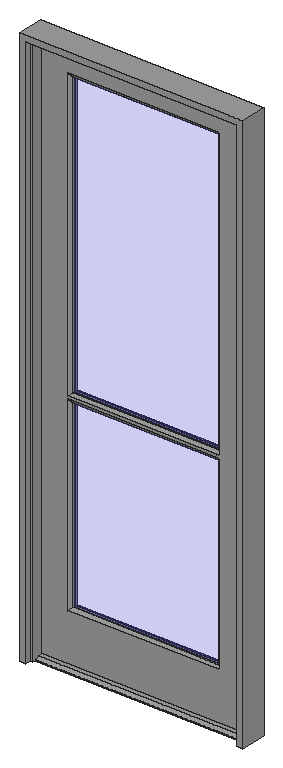
Revit family "WS-500 DOOR-PD-0.25-CW_v05", category Curtain Panels, Revit 2015 (continued)
Definition of nested family "2.5x6-RTCIG CW-H8533-DHD-OHD SC-DI"
  Lines and regions (in)
    detail lines, in view "Ref. Level", detail levels fine
      curve 211: line (0.72996, -1.36633, 0) -> (0.71496, -1.36633, 0)
      curve 212: line (0.71496, -1.36633, 0) -> (0.70396, -1.36633, 0)
      curve 213: line (0.70396, -1.36633, 0) -> (0.68996, -1.37033, 0)
      curve 214: line (0.68996, -1.37033, 0) -> (0.70596, -1.37233, 0)
      curve 215: line (0.70596, -1.37233, 0) -> (0.72096, -1.37233, 0)
      curve 216: line (0.72096, -1.37233, 0) -> (0.73296, -1.37433, 0)
      curve 217: line (0.75896, -1.35433, 0) -> (0.74796, -1.35033, 0)
      curve 218: line (0.74796, -1.35033, 0) -> (0.76396, -1.34633, 0)
      curve 219: line (0.76396, -1.34633, 0) -> (0.77296, -1.34633, 0)
      curve 220: line (0.77296, -1.34633, 0) -> (0.78096, -1.34833, 0)
      curve 221: line (0.78096, -1.34833, 0) -> (0.77296, -1.35433, 0)
      curve 222: line (0.77296, -1.35433, 0) -> (0.76596, -1.35433, 0)
      curve 223: line (0.76596, -1.35433, 0) -> (0.75896, -1.35433, 0)
      curve 224: line (0.54796, -1.31033, 0) -> (0.55896, -1.31033, 0)
      curve 225: line (0.55896, -1.31033, 0) -> (0.58796, -1.30833, 0)
      curve 226: line (0.58796, -1.30833, 0) -> (0.61496, -1.30833, 0)
      curve 227: line (0.61496, -1.30833, 0) -> (0.62796, -1.30833, 0)
      curve 228: line (0.62796, -1.30833, 0) -> (0.66196, -1.31033, 0)
      curve 229: line (0.66196, -1.31033, 0) -> (0.68096, -1.31233, 0)
      curve 230: line (0.68096, -1.31233, 0) -> (0.69896, -1.31433, 0)
      curve 231: line (0.69896, -1.31433, 0) -> (0.72096, -1.31433, 0)
      curve 232: line (0.72096, -1.31433, 0) -> (0.73696, -1.31433, 0)
      curve 233: line (0.73696, -1.31433, 0) -> (0.75896, -1.31433, 0)
      curve 234: line (0.75896, -1.31433, 0) -> (0.76596, -1.31433, 0)
      curve 235: line (0.76596, -1.31433, 0) -> (0.77896, -1.31033, 0)
      curve 236: line (0.54796, -1.32333, 0) -> (0.57896, -1.32133, 0)
      curve 237: line (0.57896, -1.32133, 0) -> (0.60496, -1.31933, 0)
      curve 238: line (0.60496, -1.31933, 0) -> (0.61896, -1.31933, 0)
      curve 239: line (0.61896, -1.31933, 0) -> (0.66196, -1.31933, 0)
      curve 240: line (0.66196, -1.31933, 0) -> (0.67696, -1.32133, 0)
      curve 241: line (0.67696, -1.32133, 0) -> (0.70096, -1.32133, 0)
      curve 242: line (0.70096, -1.32133, 0) -> (0.71496, -1.32133, 0)
      curve 243: line (0.71496, -1.32133, 0) -> (0.73496, -1.32133, 0)
      curve 244: line (0.73496, -1.32133, 0) -> (0.75096, -1.32333, 0)
      curve 245: line (0.75096, -1.32333, 0) -> (0.76196, -1.32433, 0)
      curve 246: line (0.76196, -1.32433, 0) -> (0.77096, -1.32433, 0)
      curve 247: line (0.77096, -1.32433, 0) -> (0.78096, -1.32433, 0)
      curve 248: line (0.73296, -1.35433, 0) -> (0.74796, -1.35433, 0)
      curve 249: line (0.74796, -1.35433, 0) -> (0.72596, -1.35733, 0)
      curve 250: line (0.72596, -1.35733, 0) -> (0.73296, -1.35433, 0)
      curve 251: line (0.71296, -1.35533, 0) -> (0.70396, -1.36133, 0)
      curve 252: line (0.70396, -1.36133, 0) -> (0.72596, -1.35733, 0)
      curve 253: line (0.72596, -1.35733, 0) -> (0.71296, -1.35533, 0)
      curve 254: line (0.54796, -1.29533, 0) -> (0.57696, -1.29533, 0)
      curve 255: line (0.57696, -1.29533, 0) -> (0.60996, -1.29533, 0)
      curve 256: line (0.60996, -1.29533, 0) -> (0.65296, -1.29533, 0)
      curve 257: line (0.65296, -1.29533, 0) -> (0.67296, -1.29533, 0)
      curve 258: line (0.67296, -1.29533, 0) -> (0.69896, -1.29933, 0)
      curve 259: line (0.69896, -1.29933, 0) -> (0.70796, -1.29933, 0)
      curve 260: line (0.70796, -1.29933, 0) -> (0.72096, -1.30133, 0)
      curve 261: line (0.72096, -1.30133, 0) -> (0.73296, -1.30133, 0)
      curve 262: line (0.73296, -1.30133, 0) -> (0.74396, -1.30133, 0)
      curve 263: line (0.74396, -1.30133, 0) -> (0.75296, -1.30133, 0)
      curve 264: line (0.75296, -1.30133, 0) -> (0.76996, -1.29933, 0)
      curve 265: line (0.76996, -1.29933, 0) -> (0.77696, -1.29933, 0)
      curve 266: line (0.77696, -1.29933, 0) -> (0.77696, -1.2896, 0)
      curve 267: line (0.78096, -1.28933, 0) -> (0.76596, -1.29033, 0)
      curve 268: line (0.76596, -1.29033, 0) -> (0.75496, -1.29033, 0)
      curve 269: line (0.75496, -1.29033, 0) -> (0.74096, -1.29233, 0)
      curve 270: line (0.74096, -1.29233, 0) -> (0.70996, -1.28833, 0)
      curve 271: line (0.70996, -1.28833, 0) -> (0.69296, -1.28833, 0)
      curve 272: line (0.69296, -1.28833, 0) -> (0.67696, -1.28833, 0)
      curve 273: line (0.67696, -1.28833, 0) -> (0.66096, -1.28633, 0)
      curve 274: line (0.66096, -1.28633, 0) -> (0.62296, -1.28633, 0)
      curve 275: line (0.62296, -1.28633, 0) -> (0.60096, -1.28433, 0)
      curve 276: line (0.60096, -1.28433, 0) -> (0.56096, -1.28333, 0)
      curve 277: line (0.56096, -1.28333, 0) -> (0.54796, -1.28333, 0)
      curve 278: line (0.54796, -1.33833, 0) -> (0.57896, -1.33533, 0)
      curve 279: line (0.57896, -1.33533, 0) -> (0.61496, -1.33733, 0)
      curve 280: line (0.61496, -1.33733, 0) -> (0.65296, -1.33733, 0)
      curve 281: line (0.65296, -1.33733, 0) -> (0.67496, -1.33733, 0)
      curve 282: line (0.67496, -1.33733, 0) -> (0.69496, -1.33733, 0)
      curve 283: line (0.69496, -1.33733, 0) -> (0.70996, -1.33733, 0)
      curve 284: line (0.70996, -1.33733, 0) -> (0.72596, -1.33933, 0)
      curve 285: line (0.72596, -1.33933, 0) -> (0.73696, -1.33933, 0)
      curve 286: line (0.73696, -1.33933, 0) -> (0.74796, -1.33933, 0)
      curve 287: line (0.74796, -1.33933, 0) -> (0.75896, -1.33933, 0)
      curve 288: line (0.75896, -1.33933, 0) -> (0.77696, -1.33733, 0)
      curve 289: line (0.78096, -1.41933, 0) -> (0.78096, -1.15933, 0)
    detail lines, in view "Ref. Level", detail levels medium
      curve 290: arc (1.65506, -0.328, 0) -> (1.67791, -0.38315, 0) -> (1.73306, -0.406, 0) r 0.078
      curve 291: arc (0.20206, -0.406, 0) -> (0.25722, -0.38315, 0) -> (0.28006, -0.328, 0) r 0.078
      curve 292: arc (0.68756, -1.173, 0) -> (0.71506, -1.2005, 0) -> (0.74256, -1.173, 0) r 0.0275
      curve 293: arc (0.74256, -1.408, 0) -> (0.71506, -1.3805, 0) -> (0.68756, -1.408, 0) r 0.0275
      curve 294: arc (2.00056, -1, 0) -> (1.96239, -1.07442, 0) -> (2.04511, -1.062, 0) r 0.047
      curve 295: arc (0.95295, -1.053, 0) -> (1.03486, -1.07804, 0) -> (0.99956, -1, 0) r 0.047
      curve 296: line (1.73306, -0.406, 0) -> (1.98306, -0.406, 0)
      curve 297: line (1.98306, -0.406, 0) -> (1.98306, -0.375, 0)
      curve 298: line (1.98306, -0.375, 0) -> (3.09256, -0.375, 0)
      curve 299: line (3.09256, -0.375, 0) -> (3.09256, -0.875, 0)
      curve 300: line (3.09256, -0.875, 0) -> (-1.15744, -0.875, 0)
      curve 301: line (-1.15744, -0.875, 0) -> (-1.15744, -0.375, 0)
      curve 302: line (-1.15744, -0.375, 0) -> (-0.04794, -0.375, 0)
      curve 303: line (-0.04794, -0.375, 0) -> (-0.04794, -0.406, 0)
      curve 304: line (-0.04794, -0.406, 0) -> (0.20206, -0.406, 0)
      curve 305: line (0.28006, -0.328, 0) -> (0.03006, -0.328, 0)
      curve 306: line (0.03006, -0.328, 0) -> (0.03006, -0.25, 0)
      curve 307: line (0.03006, -0.25, 0) -> (-1.28244, -0.25, 0)
      curve 308: line (-1.28244, -0.25, 0) -> (-1.28244, -1, 0)
      curve 309: line (-1.28244, -1, 0) -> (3.21756, -1, 0)
      curve 310: line (3.21756, -1, 0) -> (3.21756, -0.25, 0)
      curve 311: line (3.21756, -0.25, 0) -> (1.90506, -0.25, 0)
      curve 312: line (1.90506, -0.25, 0) -> (1.90506, -0.328, 0)
      curve 313: line (1.90506, -0.328, 0) -> (1.65506, -0.328, 0)
      curve 314: line (0.74256, -1.173, 0) -> (0.74256, -1.143, 0)
      curve 315: line (0.74256, -1.143, 0) -> (0.79756, -1.143, 0)
      curve 316: line (0.79756, -1.143, 0) -> (0.79756, -1.438, 0)
      curve 317: line (0.79756, -1.438, 0) -> (0.74256, -1.438, 0)
      curve 318: line (0.74256, -1.438, 0) -> (0.74256, -1.408, 0)
      curve 319: line (0.68756, -1.408, 0) -> (0.68756, -1.5, 0)
      curve 320: line (0.68756, -1.5, 0) -> (2.31256, -1.5, 0)
      curve 321: line (2.31256, -1.5, 0) -> (2.31256, -1, 0)
      curve 322: line (2.31256, -1, 0) -> (2.00056, -1, 0)
      curve 323: line (2.04511, -1.062, 0) -> (2.25056, -1.062, 0)
      curve 324: line (2.25056, -1.062, 0) -> (2.25056, -1.438, 0)
      curve 325: line (2.25056, -1.438, 0) -> (0.85956, -1.438, 0)
      curve 326: line (0.85956, -1.438, 0) -> (0.85956, -1.053, 0)
      curve 327: line (0.85956, -1.053, 0) -> (0.95295, -1.053, 0)
      curve 328: line (0.99956, -1, 0) -> (0.79756, -1, 0)
      curve 329: line (0.79756, -1, 0) -> (0.79756, -1.081, 0)
      curve 330: line (0.79756, -1.081, 0) -> (0.74256, -1.081, 0)
      curve 331: line (0.74256, -1.081, 0) -> (0.74256, -1, 0)
      curve 332: line (0.74256, -1, 0) -> (0.68756, -1, 0)
      curve 333: line (0.68756, -1, 0) -> (0.68756, -1.173, 0)
      curve 334: line (-1.28244, 0, 0) -> (-1.28244, -1, 0)
      curve 335: line (-1.28244, -1, 0) -> (0.68756, -1, 0)
      curve 336: line (0.68756, -1, 0) -> (0.68756, -1.5, 0)
      curve 337: line (0.68756, -1.5, 0) -> (2.31256, -1.5, 0)
      curve 338: line (2.31256, -1.5, 0) -> (2.31256, -1, 0)
      curve 339: line (2.31256, -1, 0) -> (3.21756, -1, 0)
      curve 340: line (3.21756, -1, 0) -> (3.21756, 0, 0)
      curve 341: line (3.21756, 0, 0) -> (-1.28244, 0, 0)
    detail lines, in view "Ref. Level", not visible, detail levels fine
      curve 342: arc (1.65506, -0.328, 0) -> (1.67791, -0.38315, 0) -> (1.73306, -0.406, 0) r 0.078
      curve 343: arc (0.20206, -0.406, 0) -> (0.25722, -0.38315, 0) -> (0.28006, -0.328, 0) r 0.078
      curve 344: arc (0.68756, -1.173, 0) -> (0.71506, -1.2005, 0) -> (0.74256, -1.173, 0) r 0.0275
      curve 345: arc (0.74256, -1.408, 0) -> (0.71506, -1.3805, 0) -> (0.68756, -1.408, 0) r 0.0275
      curve 346: arc (2.00056, -1, 0) -> (1.96239, -1.07442, 0) -> (2.04511, -1.062, 0) r 0.047
      curve 347: arc (0.95295, -1.053, 0) -> (1.03486, -1.07804, 0) -> (0.99956, -1, 0) r 0.047
      curve 348: line (1.73306, -0.406, 0) -> (1.98306, -0.406, 0)
      curve 349: line (1.98306, -0.406, 0) -> (1.98306, -0.375, 0)
      curve 350: line (1.98306, -0.375, 0) -> (3.09256, -0.375, 0)
      curve 351: line (3.09256, -0.375, 0) -> (3.09256, -0.875, 0)
      curve 352: line (3.09256, -0.875, 0) -> (-1.15744, -0.875, 0)
      curve 353: line (-1.15744, -0.875, 0) -> (-1.15744, -0.375, 0)
      curve 354: line (-1.15744, -0.375, 0) -> (-0.04794, -0.375, 0)
      curve 355: line (-0.04794, -0.375, 0) -> (-0.04794, -0.406, 0)
      curve 356: line (-0.04794, -0.406, 0) -> (0.20206, -0.406, 0)
      curve 357: line (0.28006, -0.328, 0) -> (0.03006, -0.328, 0)
      curve 358: line (0.03006, -0.328, 0) -> (0.03006, -0.25, 0)
      curve 359: line (0.03006, -0.25, 0) -> (-1.28244, -0.25, 0)
      curve 360: line (-1.28244, -0.25, 0) -> (-1.28244, -1, 0)
      curve 361: line (-1.28244, -1, 0) -> (3.21756, -1, 0)
      curve 362: line (3.21756, -1, 0) -> (3.21756, -0.25, 0)
      curve 363: line (3.21756, -0.25, 0) -> (1.90506, -0.25, 0)
      curve 364: line (1.90506, -0.25, 0) -> (1.90506, -0.328, 0)
      curve 365: line (1.90506, -0.328, 0) -> (1.65506, -0.328, 0)
      curve 366: line (0.74256, -1.173, 0) -> (0.74256, -1.143, 0)
      curve 367: line (0.74256, -1.143, 0) -> (0.79756, -1.143, 0)
      curve 368: line (0.79756, -1.143, 0) -> (0.79756, -1.438, 0)
      curve 369: line (0.79756, -1.438, 0) -> (0.74256, -1.438, 0)
      curve 370: line (0.74256, -1.438, 0) -> (0.74256, -1.408, 0)
      curve 371: line (0.68756, -1.408, 0) -> (0.68756, -1.5, 0)
      curve 372: line (0.68756, -1.5, 0) -> (2.31256, -1.5, 0)
      curve 373: line (2.31256, -1.5, 0) -> (2.31256, -1, 0)
      curve 374: line (2.31256, -1, 0) -> (2.00056, -1, 0)
      curve 375: line (2.04511, -1.062, 0) -> (2.25056, -1.062, 0)
      curve 376: line (2.25056, -1.062, 0) -> (2.25056, -1.438, 0)
      curve 377: line (2.25056, -1.438, 0) -> (0.85956, -1.438, 0)
      curve 378: line (0.85956, -1.438, 0) -> (0.85956, -1.053, 0)
      curve 379: line (0.85956, -1.053, 0) -> (0.95295, -1.053, 0)
      curve 380: line (0.99956, -1, 0) -> (0.79756, -1, 0)
      curve 381: line (0.79756, -1, 0) -> (0.79756, -1.081, 0)
      curve 382: line (0.79756, -1.081, 0) -> (0.74256, -1.081, 0)
      curve 383: line (0.74256, -1.081, 0) -> (0.74256, -1, 0)
      curve 384: line (0.74256, -1, 0) -> (0.68756, -1, 0)
      curve 385: line (0.68756, -1, 0) -> (0.68756, -1.173, 0)
      curve 386: line (-1.28244, 0, 0) -> (-1.28244, -1, 0)
      curve 387: line (-1.28244, -1, 0) -> (0.68756, -1, 0)
      curve 388: line (0.68756, -1, 0) -> (0.68756, -1.5, 0)
      curve 389: line (0.68756, -1.5, 0) -> (2.31256, -1.5, 0)
      curve 390: line (2.31256, -1.5, 0) -> (2.31256, -1, 0)
      curve 391: line (2.31256, -1, 0) -> (3.21756, -1, 0)
      curve 392: line (3.21756, -1, 0) -> (3.21756, 0, 0)
      curve 393: line (3.21756, 0, 0) -> (-1.28244, 0, 0)
      curve 394: arc (-1.28244, -0.25, 0) -> (-1.26095, -0.125, 0) -> (-1.28244, 0, 0) r 0.37439
      curve 395: arc (3.21756, 0, 0) -> (3.19608, -0.125, 0) -> (3.21756, -0.25, 0) r 0.37439
      curve 396: arc (1.95497, -1.14175, 0) -> (1.95619, -1.1362, 0) -> (1.95482, -1.13068, 0) r 0.0125
      curve 397: arc (1.98284, -1.14139, 0) -> (1.98406, -1.13584, 0) -> (1.9827, -1.13032, 0) r 0.0125
      curve 398: arc (1.01743, -1.13032, 0) -> (1.01607, -1.13584, 0) -> (1.01729, -1.14139, 0) r 0.0125
      curve 399: arc (1.0453, -1.13068, 0) -> (1.04394, -1.1362, 0) -> (1.04516, -1.14175, 0) r 0.0125
      curve 400: arc (1.10681, -1.025, 0) -> (1.10028, -1.02684, 0) -> (1.09567, -1.03182, 0) r 0.0125
      curve 401: arc (1.90446, -1.03183, 0) -> (1.89985, -1.02684, 0) -> (1.89332, -1.025, 0) r 0.0125
      curve 402: line (-1.03244, -0.25, 0) -> (-1.03244, 0, 0)
      curve 403: line (-1.03244, 0, 0) -> (2.96756, 0, 0)
      curve 404: line (2.96756, 0, 0) -> (2.96756, -0.25, 0)
      curve 405: line (2.96756, -0.25, 0) -> (-1.03244, -0.25, 0)
      curve 406: line (-1.03244, -0.25, 0) -> (2.96756, 0, 0)
      curve 407: line (-1.03244, 0, 0) -> (2.96756, -0.25, 0)
      curve 408: line (1.95497, -1.14175, 0) -> (1.89789, -1.26122, 0)
      curve 409: line (1.89789, -1.26122, 0) -> (1.92045, -1.272, 0)
      curve 410: line (1.92045, -1.272, 0) -> (1.98284, -1.14139, 0)
      curve 411: line (1.9827, -1.13032, 0) -> (1.92904, -1.025, 0)
      curve 412: line (1.92904, -1.025, 0) -> (1.95506, -1.025, 0)
      curve 413: line (1.95506, -1.025, 0) -> (1.95506, -1, 0)
      curve 414: line (1.95506, -1, 0) -> (1.04506, -1, 0)
      curve 415: line (1.04506, -1, 0) -> (1.04506, -1.025, 0)
      curve 416: line (1.04506, -1.025, 0) -> (1.07109, -1.025, 0)
      curve 417: line (1.07109, -1.025, 0) -> (1.01743, -1.13032, 0)
      curve 418: line (1.01729, -1.14139, 0) -> (1.07968, -1.272, 0)
      curve 419: line (1.07968, -1.272, 0) -> (1.10224, -1.26122, 0)
      curve 420: line (1.10224, -1.26122, 0) -> (1.04516, -1.14175, 0)
      curve 421: line (1.0453, -1.13068, 0) -> (1.09567, -1.03182, 0)
      curve 422: line (1.10681, -1.025, 0) -> (1.89332, -1.025, 0)
      curve 423: line (1.90446, -1.03183, 0) -> (1.95482, -1.13068, 0)
      curve 424: line (0.54796, -1.18033, 0) -> (0.56296, -1.18633, 0)
      curve 425: line (0.56296, -1.18633, 0) -> (0.57696, -1.19533, 0)
      curve 426: line (0.57696, -1.19533, 0) -> (0.60296, -1.19933, 0)
      curve 427: line (0.60296, -1.19933, 0) -> (0.62096, -1.20333, 0)
      curve 428: line (0.62096, -1.20333, 0) -> (0.65696, -1.20433, 0)
      curve 429: line (0.65696, -1.20433, 0) -> (0.67296, -1.20633, 0)
      curve 430: line (0.67296, -1.20633, 0) -> (0.69296, -1.20833, 0)
      curve 431: line (0.69296, -1.20833, 0) -> (0.69696, -1.21433, 0)
      curve 432: line (0.69696, -1.21433, 0) -> (0.70996, -1.20833, 0)
      curve 433: line (0.70996, -1.20833, 0) -> (0.69696, -1.21433, 0)
      curve 434: line (0.55396, -1.35233, 0) -> (0.58296, -1.35233, 0)
      curve 435: line (0.58296, -1.35233, 0) -> (0.60796, -1.35233, 0)
      curve 436: line (0.60796, -1.35233, 0) -> (0.62496, -1.35433, 0)
      curve 437: line (0.62496, -1.35433, 0) -> (0.65696, -1.35433, 0)
      curve 438: line (0.65696, -1.35433, 0) -> (0.67696, -1.35533, 0)
      curve 439: line (0.67696, -1.35533, 0) -> (0.70396, -1.36133, 0)
      curve 440: line (0.70396, -1.36133, 0) -> (0.67496, -1.36433, 0)
      curve 441: line (0.67496, -1.36433, 0) -> (0.68996, -1.37033, 0)
      curve 442: line (0.68996, -1.37033, 0) -> (0.67296, -1.36633, 0)
      curve 443: line (0.67296, -1.36633, 0) -> (0.65096, -1.36833, 0)
      curve 444: line (0.65096, -1.36833, 0) -> (0.58796, -1.37733, 0)
      curve 445: line (0.58796, -1.37733, 0) -> (0.60596, -1.37733, 0)
      curve 446: line (0.60596, -1.37733, 0) -> (0.61696, -1.37533, 0)
      curve 447: line (0.61696, -1.37533, 0) -> (0.63196, -1.37433, 0)
      curve 448: line (0.63196, -1.37433, 0) -> (0.65896, -1.37233, 0)
      curve 449: line (0.65896, -1.37233, 0) -> (0.67896, -1.37033, 0)
      curve 450: line (0.67896, -1.37033, 0) -> (0.65296, -1.36633, 0)
      curve 451: line (0.65296, -1.36633, 0) -> (0.62296, -1.36633, 0)
      curve 452: line (0.62296, -1.36633, 0) -> (0.58996, -1.36433, 0)
      curve 453: line (0.58996, -1.36433, 0) -> (0.54796, -1.36933, 0)
      curve 454: line (0.57196, -1.38433, 0) -> (0.58996, -1.38133, 0)
      curve 455: line (0.58996, -1.38133, 0) -> (0.54796, -1.38833, 0)
      curve 456: line (0.54796, -1.38833, 0) -> (0.57196, -1.38433, 0)
      curve 457: line (0.54996, -1.24133, 0) -> (0.56796, -1.23933, 0)
      curve 458: line (0.56796, -1.23933, 0) -> (0.58096, -1.23733, 0)
      curve 459: line (0.58096, -1.23733, 0) -> (0.59396, -1.23533, 0)
      curve 460: line (0.59396, -1.23533, 0) -> (0.61496, -1.23533, 0)
      curve 461: line (0.61496, -1.23533, 0) -> (0.62796, -1.23533, 0)
      curve 462: line (0.62796, -1.23533, 0) -> (0.65696, -1.23733, 0)
      curve 463: line (0.65696, -1.23733, 0) -> (0.67096, -1.23733, 0)
      curve 464: line (0.67096, -1.23733, 0) -> (0.67896, -1.23933, 0)
      curve 465: line (0.67896, -1.23933, 0) -> (0.69696, -1.24133, 0)
      curve 466: line (0.69696, -1.24133, 0) -> (0.71096, -1.24433, 0)
      curve 467: line (0.71096, -1.24433, 0) -> (0.72796, -1.25233, 0)
      curve 468: line (0.72796, -1.25233, 0) -> (0.74196, -1.25233, 0)
      curve 469: line (0.74196, -1.25233, 0) -> (0.72596, -1.24433, 0)
      curve 470: line (0.72596, -1.24433, 0) -> (0.71096, -1.25033, 0)
      curve 471: line (0.71096, -1.25033, 0) -> (0.70196, -1.25033, 0)
      curve 472: line (0.70196, -1.25033, 0) -> (0.68596, -1.25033, 0)
      curve 473: line (0.68596, -1.25033, 0) -> (0.67096, -1.24633, 0)
      curve 474: line (0.67096, -1.24633, 0) -> (0.65496, -1.24633, 0)
      curve 475: line (0.65496, -1.24633, 0) -> (0.62296, -1.24633, 0)
      curve 476: line (0.62296, -1.24633, 0) -> (0.60596, -1.24633, 0)
      curve 477: line (0.60596, -1.24633, 0) -> (0.59396, -1.24633, 0)
      curve 478: line (0.59396, -1.24633, 0) -> (0.54796, -1.25433, 0)
      curve 479: line (0.54996, -1.20833, 0) -> (0.56096, -1.20833, 0)
      curve 480: line (0.56096, -1.20833, 0) -> (0.58096, -1.20833, 0)
      curve 481: line (0.58096, -1.20833, 0) -> (0.59196, -1.20633, 0)
      curve 482: line (0.59196, -1.20633, 0) -> (0.59896, -1.20633, 0)
      curve 483: line (0.59896, -1.20633, 0) -> (0.60596, -1.20833, 0)
      curve 484: line (0.60596, -1.20833, 0) -> (0.62296, -1.21433, 0)
      curve 485: line (0.62296, -1.21433, 0) -> (0.65496, -1.21233, 0)
      curve 486: line (0.65496, -1.21233, 0) -> (0.66196, -1.21033, 0)
      curve 487: line (0.66196, -1.21033, 0) -> (0.67096, -1.21233, 0)
      curve 488: line (0.67096, -1.21233, 0) -> (0.68096, -1.21233, 0)
      curve 489: line (0.68096, -1.21233, 0) -> (0.68996, -1.21233, 0)
      curve 490: line (0.74596, -1.21033, 0) -> (0.73496, -1.21033, 0)
      curve 491: line (0.73496, -1.21033, 0) -> (0.74196, -1.21033, 0)
      curve 492: line (0.74196, -1.21033, 0) -> (0.75296, -1.21033, 0)
      curve 493: line (0.75296, -1.21033, 0) -> (0.76396, -1.21033, 0)
      curve 494: line (0.76396, -1.21033, 0) -> (0.77496, -1.20633, 0)
      curve 495: line (0.77896, -1.20633, 0) -> (0.76796, -1.20633, 0)
      curve 496: line (0.76796, -1.20633, 0) -> (0.76096, -1.20633, 0)
      curve 497: line (0.76096, -1.20633, 0) -> (0.75296, -1.20833, 0)
      curve 498: line (0.75296, -1.20833, 0) -> (0.74596, -1.21033, 0)
      curve 499: line (0.78096, -1.27033, 0) -> (0.76996, -1.27233, 0)
      curve 500: line (0.76996, -1.27233, 0) -> (0.75496, -1.27433, 0)
      curve 501: line (0.75496, -1.27433, 0) -> (0.74396, -1.27433, 0)
      curve 502: line (0.74396, -1.27433, 0) -> (0.73496, -1.27433, 0)
      curve 503: line (0.73496, -1.27433, 0) -> (0.71496, -1.27433, 0)
      curve 504: line (0.71496, -1.27433, 0) -> (0.69696, -1.27433, 0)
      curve 505: line (0.69696, -1.27433, 0) -> (0.67496, -1.27033, 0)
      curve 506: line (0.67496, -1.27033, 0) -> (0.65696, -1.27033, 0)
      curve 507: line (0.65696, -1.27033, 0) -> (0.60996, -1.27033, 0)
      curve 508: line (0.60996, -1.27033, 0) -> (0.57396, -1.27033, 0)
      curve 509: line (0.57396, -1.27033, 0) -> (0.54796, -1.26833, 0)
      curve 510: line (0.54796, -1.26133, 0) -> (0.56796, -1.26133, 0)
      curve 511: line (0.56796, -1.26133, 0) -> (0.59696, -1.26133, 0)
      curve 512: line (0.59696, -1.26133, 0) -> (0.62496, -1.26133, 0)
      curve 513: line (0.62496, -1.26133, 0) -> (0.66796, -1.26333, 0)
      curve 514: line (0.66796, -1.26333, 0) -> (0.70096, -1.26433, 0)
      curve 515: line (0.70096, -1.26433, 0) -> (0.71896, -1.26333, 0)
      curve 516: line (0.71896, -1.26333, 0) -> (0.73296, -1.26333, 0)
      curve 517: line (0.73296, -1.26333, 0) -> (0.75096, -1.26333, 0)
      curve 518: line (0.75096, -1.26333, 0) -> (0.76096, -1.26333, 0)
      curve 519: line (0.76096, -1.26333, 0) -> (0.76796, -1.26333, 0)
      curve 520: line (0.76796, -1.26333, 0) -> (0.78096, -1.26333, 0)
      curve 521: line (0.78096, -1.25133, 0) -> (0.76996, -1.25033, 0)
      curve 522: line (0.76996, -1.25033, 0) -> (0.76196, -1.25033, 0)
      curve 523: line (0.76196, -1.25033, 0) -> (0.75096, -1.25233, 0)
      curve 524: line (0.75096, -1.25233, 0) -> (0.74196, -1.25233, 0)
      curve 525: line (0.74196, -1.25233, 0) -> (0.74996, -1.24833, 0)
      curve 526: line (0.74996, -1.24833, 0) -> (0.76396, -1.24633, 0)
      curve 527: line (0.76396, -1.24633, 0) -> (0.77496, -1.24333, 0)
      curve 528: line (0.76996, -1.22433, 0) -> (0.75496, -1.22433, 0)
      curve 529: line (0.75496, -1.22433, 0) -> (0.74196, -1.22633, 0)
      curve 530: line (0.74196, -1.22633, 0) -> (0.73296, -1.22633, 0)
      curve 531: line (0.73296, -1.22633, 0) -> (0.70996, -1.22433, 0)
      curve 532: line (0.70996, -1.22433, 0) -> (0.69896, -1.22333, 0)
      curve 533: line (0.69896, -1.22333, 0) -> (0.67696, -1.22433, 0)
      curve 534: line (0.67696, -1.22433, 0) -> (0.65296, -1.22333, 0)
      curve 535: line (0.65296, -1.22333, 0) -> (0.62296, -1.22333, 0)
      curve 536: line (0.62296, -1.22333, 0) -> (0.59896, -1.22133, 0)
      curve 537: line (0.59896, -1.22133, 0) -> (0.58096, -1.22133, 0)
      curve 538: line (0.58096, -1.22133, 0) -> (0.56096, -1.22133, 0)
      curve 539: line (0.56096, -1.22133, 0) -> (0.54796, -1.22233, 0)
      curve 540: line (0.73496, -1.21033, 0) -> (0.71896, -1.21233, 0)
      curve 541: line (0.71896, -1.21233, 0) -> (0.70996, -1.20833, 0)
      curve 542: line (0.70996, -1.20833, 0) -> (0.72396, -1.20833, 0)
      curve 543: line (0.72396, -1.20833, 0) -> (0.73296, -1.21233, 0)
      curve 544: line (0.73296, -1.37433, 0) -> (0.74396, -1.37433, 0)
      curve 545: line (0.74396, -1.37433, 0) -> (0.76096, -1.37433, 0)
      curve 546: line (0.76096, -1.37433, 0) -> (0.77296, -1.37433, 0)
      curve 547: line (0.78096, -1.37033, 0) -> (0.77096, -1.37033, 0)
      curve 548: line (0.77096, -1.37033, 0) -> (0.75496, -1.37033, 0)
      curve 549: line (0.75496, -1.37033, 0) -> (0.74796, -1.36833, 0)
      curve 550: line (0.74796, -1.36833, 0) -> (0.74096, -1.36833, 0)
      curve 551: line (0.74096, -1.36833, 0) -> (0.72996, -1.36633, 0)
      curve 552: line (0.72996, -1.36633, 0) -> (0.71496, -1.36633, 0)
      curve 553: line (0.71496, -1.36633, 0) -> (0.70396, -1.36633, 0)
      curve 554: line (0.70396, -1.36633, 0) -> (0.68996, -1.37033, 0)
      curve 555: line (0.68996, -1.37033, 0) -> (0.70596, -1.37233, 0)
      curve 556: line (0.70596, -1.37233, 0) -> (0.72096, -1.37233, 0)
      curve 557: line (0.72096, -1.37233, 0) -> (0.73296, -1.37433, 0)
      curve 558: line (0.75896, -1.35433, 0) -> (0.74796, -1.35033, 0)
      curve 559: line (0.74796, -1.35033, 0) -> (0.76396, -1.34633, 0)
      curve 560: line (0.76396, -1.34633, 0) -> (0.77296, -1.34633, 0)
      curve 561: line (0.77296, -1.34633, 0) -> (0.78096, -1.34833, 0)
      curve 562: line (0.78096, -1.34833, 0) -> (0.77296, -1.35433, 0)
      curve 563: line (0.77296, -1.35433, 0) -> (0.76596, -1.35433, 0)
      curve 564: line (0.76596, -1.35433, 0) -> (0.75896, -1.35433, 0)
      curve 565: line (0.54796, -1.31033, 0) -> (0.55896, -1.31033, 0)
      curve 566: line (0.55896, -1.31033, 0) -> (0.58796, -1.30833, 0)
      curve 567: line (0.58796, -1.30833, 0) -> (0.61496, -1.30833, 0)
      curve 568: line (0.61496, -1.30833, 0) -> (0.62796, -1.30833, 0)
      curve 569: line (0.62796, -1.30833, 0) -> (0.66196, -1.31033, 0)
      curve 570: line (0.66196, -1.31033, 0) -> (0.68096, -1.31233, 0)
      curve 571: line (0.68096, -1.31233, 0) -> (0.69896, -1.31433, 0)
      curve 572: line (0.69896, -1.31433, 0) -> (0.72096, -1.31433, 0)
      curve 573: line (0.72096, -1.31433, 0) -> (0.73696, -1.31433, 0)
      curve 574: line (0.73696, -1.31433, 0) -> (0.75896, -1.31433, 0)
      curve 575: line (0.75896, -1.31433, 0) -> (0.76596, -1.31433, 0)
      curve 576: line (0.76596, -1.31433, 0) -> (0.77896, -1.31033, 0)
      curve 577: line (0.54796, -1.32333, 0) -> (0.57896, -1.32133, 0)
      curve 578: line (0.57896, -1.32133, 0) -> (0.60496, -1.31933, 0)
      curve 579: line (0.60496, -1.31933, 0) -> (0.61896, -1.31933, 0)
      curve 580: line (0.61896, -1.31933, 0) -> (0.66196, -1.31933, 0)
      curve 581: line (0.66196, -1.31933, 0) -> (0.67696, -1.32133, 0)
      curve 582: line (0.67696, -1.32133, 0) -> (0.70096, -1.32133, 0)
      curve 583: line (0.70096, -1.32133, 0) -> (0.71496, -1.32133, 0)
      curve 584: line (0.71496, -1.32133, 0) -> (0.73496, -1.32133, 0)
      curve 585: line (0.73496, -1.32133, 0) -> (0.75096, -1.32333, 0)
      curve 586: line (0.75096, -1.32333, 0) -> (0.76196, -1.32433, 0)
      curve 587: line (0.76196, -1.32433, 0) -> (0.77096, -1.32433, 0)
      curve 588: line (0.77096, -1.32433, 0) -> (0.78096, -1.32433, 0)
      curve 589: line (0.73296, -1.35433, 0) -> (0.74796, -1.35433, 0)
      curve 590: line (0.74796, -1.35433, 0) -> (0.72596, -1.35733, 0)
      curve 591: line (0.72596, -1.35733, 0) -> (0.73296, -1.35433, 0)
      curve 592: line (0.71296, -1.35533, 0) -> (0.70396, -1.36133, 0)
      curve 593: line (0.70396, -1.36133, 0) -> (0.72596, -1.35733, 0)
      curve 594: line (0.72596, -1.35733, 0) -> (0.71296, -1.35533, 0)
      curve 595: line (0.54796, -1.29533, 0) -> (0.57696, -1.29533, 0)
      curve 596: line (0.57696, -1.29533, 0) -> (0.60996, -1.29533, 0)
      curve 597: line (0.60996, -1.29533, 0) -> (0.65296, -1.29533, 0)
      curve 598: line (0.65296, -1.29533, 0) -> (0.67296, -1.29533, 0)
      curve 599: line (0.67296, -1.29533, 0) -> (0.69896, -1.29933, 0)
      curve 600: line (0.69896, -1.29933, 0) -> (0.70796, -1.29933, 0)
      curve 601: line (0.70796, -1.29933, 0) -> (0.72096, -1.30133, 0)
      curve 602: line (0.72096, -1.30133, 0) -> (0.73296, -1.30133, 0)
      curve 603: line (0.73296, -1.30133, 0) -> (0.74396, -1.30133, 0)
      curve 604: line (0.74396, -1.30133, 0) -> (0.75296, -1.30133, 0)
      curve 605: line (0.75296, -1.30133, 0) -> (0.76996, -1.29933, 0)
      curve 606: line (0.76996, -1.29933, 0) -> (0.77696, -1.29933, 0)
      curve 607: line (0.77696, -1.29933, 0) -> (0.77696, -1.2896, 0)
      curve 608: line (0.78096, -1.28933, 0) -> (0.76596, -1.29033, 0)
      curve 609: line (0.76596, -1.29033, 0) -> (0.75496, -1.29033, 0)
      curve 610: line (0.75496, -1.29033, 0) -> (0.74096, -1.29233, 0)
      curve 611: line (0.74096, -1.29233, 0) -> (0.70996, -1.28833, 0)
      curve 612: line (0.70996, -1.28833, 0) -> (0.69296, -1.28833, 0)
      curve 613: line (0.69296, -1.28833, 0) -> (0.67696, -1.28833, 0)
      curve 614: line (0.67696, -1.28833, 0) -> (0.66096, -1.28633, 0)
      curve 615: line (0.66096, -1.28633, 0) -> (0.62296, -1.28633, 0)
      curve 616: line (0.62296, -1.28633, 0) -> (0.60096, -1.28433, 0)
      curve 617: line (0.60096, -1.28433, 0) -> (0.56096, -1.28333, 0)
      curve 618: line (0.56096, -1.28333, 0) -> (0.54796, -1.28333, 0)
      curve 619: line (0.54796, -1.33833, 0) -> (0.57896, -1.33533, 0)
      curve 620: line (0.57896, -1.33533, 0) -> (0.61496, -1.33733, 0)
      curve 621: line (0.61496, -1.33733, 0) -> (0.65296, -1.33733, 0)
      curve 622: line (0.65296, -1.33733, 0) -> (0.67496, -1.33733, 0)
      curve 623: line (0.67496, -1.33733, 0) -> (0.69496, -1.33733, 0)
      curve 624: line (0.69496, -1.33733, 0) -> (0.70996, -1.33733, 0)
      curve 625: line (0.70996, -1.33733, 0) -> (0.72596, -1.33933, 0)
      curve 626: line (0.72596, -1.33933, 0) -> (0.73696, -1.33933, 0)
      curve 627: line (0.73696, -1.33933, 0) -> (0.74796, -1.33933, 0)
      curve 628: line (0.74796, -1.33933, 0) -> (0.75896, -1.33933, 0)
      curve 629: line (0.75896, -1.33933, 0) -> (0.77696, -1.33733, 0)
      curve 630: line (0.78096, -1.41933, 0) -> (0.78096, -1.15933, 0)
    detail lines, in view "Ref. Level", not visible, detail levels medium
      curve 631: arc (8.63801, -2.3397, 0) -> (8.66086, -2.39486, 0) -> (8.71601, -2.4177, 0) r 0.078
      curve 632: arc (7.18501, -2.4177, 0) -> (7.24017, -2.39486, 0) -> (7.26301, -2.3397, 0) r 0.078
      curve 633: arc (7.67051, -3.1847, 0) -> (7.69801, -3.2122, 0) -> (7.72551, -3.1847, 0) r 0.0275
      curve 634: arc (7.72551, -3.4197, 0) -> (7.69801, -3.3922, 0) -> (7.67051, -3.4197, 0) r 0.0275
      curve 635: arc (8.98351, -3.0117, 0) -> (8.94534, -3.08613, 0) -> (9.02805, -3.0737, 0) r 0.047
      curve 636: arc (7.9359, -3.0647, 0) -> (8.0178, -3.08974, 0) -> (7.98251, -3.0117, 0) r 0.047
      curve 637: line (8.71601, -2.4177, 0) -> (8.96601, -2.4177, 0)
      curve 638: line (8.96601, -2.4177, 0) -> (8.96601, -2.3867, 0)
      curve 639: line (8.96601, -2.3867, 0) -> (10.07551, -2.3867, 0)
      curve 640: line (10.07551, -2.3867, 0) -> (10.07551, -2.8867, 0)
      curve 641: line (10.07551, -2.8867, 0) -> (5.82551, -2.8867, 0)
      curve 642: line (5.82551, -2.8867, 0) -> (5.82551, -2.3867, 0)
      curve 643: line (5.82551, -2.3867, 0) -> (6.93501, -2.3867, 0)
      curve 644: line (6.93501, -2.3867, 0) -> (6.93501, -2.4177, 0)
      curve 645: line (6.93501, -2.4177, 0) -> (7.18501, -2.4177, 0)
      curve 646: line (7.26301, -2.3397, 0) -> (7.01301, -2.3397, 0)
      curve 647: line (7.01301, -2.3397, 0) -> (7.01301, -2.2617, 0)
      curve 648: line (7.01301, -2.2617, 0) -> (5.70051, -2.2617, 0)
      curve 649: line (5.70051, -2.2617, 0) -> (5.70051, -3.0117, 0)
      curve 650: line (5.70051, -3.0117, 0) -> (10.20051, -3.0117, 0)
      curve 651: line (10.20051, -3.0117, 0) -> (10.20051, -2.2617, 0)
      curve 652: line (10.20051, -2.2617, 0) -> (8.88801, -2.2617, 0)
      curve 653: line (8.88801, -2.2617, 0) -> (8.88801, -2.3397, 0)
      curve 654: line (8.88801, -2.3397, 0) -> (8.63801, -2.3397, 0)
      curve 655: line (7.72551, -3.1847, 0) -> (7.72551, -3.1547, 0)
      curve 656: line (7.72551, -3.1547, 0) -> (7.78051, -3.1547, 0)
      curve 657: line (7.78051, -3.1547, 0) -> (7.78051, -3.4497, 0)
      curve 658: line (7.78051, -3.4497, 0) -> (7.72551, -3.4497, 0)
      curve 659: line (7.72551, -3.4497, 0) -> (7.72551, -3.4197, 0)
      curve 660: line (7.67051, -3.4197, 0) -> (7.67051, -3.5117, 0)
      curve 661: line (7.67051, -3.5117, 0) -> (9.29551, -3.5117, 0)
      curve 662: line (9.29551, -3.5117, 0) -> (9.29551, -3.0117, 0)
      curve 663: line (9.29551, -3.0117, 0) -> (8.98351, -3.0117, 0)
      curve 664: line (9.02805, -3.0737, 0) -> (9.23351, -3.0737, 0)
      curve 665: line (9.23351, -3.0737, 0) -> (9.23351, -3.4497, 0)
      curve 666: line (9.23351, -3.4497, 0) -> (7.84251, -3.4497, 0)
      curve 667: line (7.84251, -3.4497, 0) -> (7.84251, -3.0647, 0)
      curve 668: line (7.84251, -3.0647, 0) -> (7.9359, -3.0647, 0)
      curve 669: line (7.98251, -3.0117, 0) -> (7.78051, -3.0117, 0)
      curve 670: line (7.78051, -3.0117, 0) -> (7.78051, -3.0927, 0)
      curve 671: line (7.78051, -3.0927, 0) -> (7.72551, -3.0927, 0)
      curve 672: line (7.72551, -3.0927, 0) -> (7.72551, -3.0117, 0)
      curve 673: line (7.72551, -3.0117, 0) -> (7.67051, -3.0117, 0)
      curve 674: line (7.67051, -3.0117, 0) -> (7.67051, -3.1847, 0)
      curve 675: line (5.70051, -2.0117, 0) -> (5.70051, -3.0117, 0)
      curve 676: line (5.70051, -3.0117, 0) -> (7.67051, -3.0117, 0)
      curve 677: line (7.67051, -3.0117, 0) -> (7.67051, -3.5117, 0)
      curve 678: line (7.67051, -3.5117, 0) -> (9.29551, -3.5117, 0)
      curve 679: line (9.29551, -3.5117, 0) -> (9.29551, -3.0117, 0)
      curve 680: line (9.29551, -3.0117, 0) -> (10.20051, -3.0117, 0)
      curve 681: line (10.20051, -3.0117, 0) -> (10.20051, -2.0117, 0)
      curve 682: line (10.20051, -2.0117, 0) -> (5.70051, -2.0117, 0)
  Dimensions and locks (in)
    aligned and locked: curve 334 to curve 45
    aligned and locked: import instance to curve 340
    aligned and locked: import instance to plane 1 "Center (Front/Back)"
